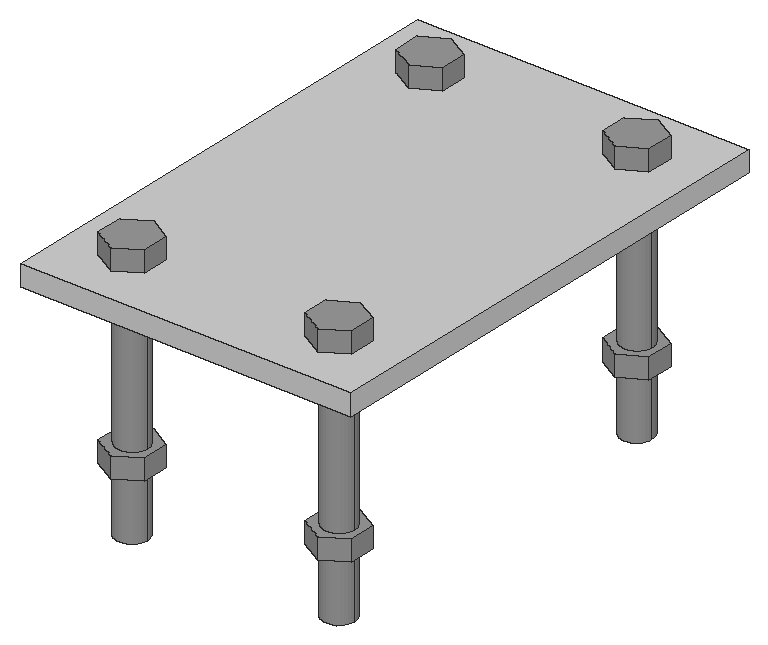
Revit family "051200 - Structural Steel Framing - Base Plate - 4 holes", category Structural Stiffeners, Revit 2019
Family settings
  OmniClass Number = 23.25.30.11.27
  OmniClass Title = Vibration and Earthquake Controls
  Work Plane-Based = Yes
  Always vertical = No
  Cut with Voids When Loaded = No
  Shared = No
Parameters (values of type "Top Plate")
  Width = 0' - 4"
  Thickness = 0' - 0 1/4"
  Substrate Depth = 0' - 2"
  Nut Visibility = yes
  Length = 0' - 6"
  Hole Radius = 0' - 0 3/8"
  Default Elevation = 4' - 0"
  Bolts = 050523 - W_P_C - Fastenings - Lag Bolt or Thru Bolt : 3/8" x 3"
  Bolt Offset - Width Side = 0' - 0 3/4"
  Bolt Offset - Length Side = 0' - 0 3/4"
  Base Plate Material = TYPICAL (4) BOLT STEEL PLATE COLUMN BASE
Types (4): name | Width | Thickness | Nut Visibility | Length | Bolts | Bolt Offset - Width Side | Bolt Offset - Length Side | Base Plate Material
  5/8in x 6in x 15in | 0' - 6" | 0' - 0 5/8" | no | 1' - 3" | 050523 - W_P_C - Fastenings - Lag Bolt or Thru Bolt : 3/4" x 9" | 0' - 1 1/4" | 0' - 1 3/4" | 5/8" THICK STEEL BASE PLATE OVER SHIMS OR NON-SHRINK GROUT
  2 | 0' - 6" | 0' - 0 5/8" | no | 0' - 10" | 050523 - W_P_C - Fastenings - Lag Bolt or Thru Bolt : 3/4" x 9" | 0' - 1 1/4" | 0' - 2 3/4" | 5/8" THICK STEEL BASE PLATE OVER SHIMS OR NON-SHRINK GROUT
  3.5" plate | 0' - 4" | 0' - 0 1/4" | no | 0' - 6" | 050523 - W_P_C - Fastenings - Lag Bolt or Thru Bolt : 3/8" x 3" | 0' - 0 3/4" | 0' - 0 3/4" | TYPICAL (4) BOLT STEEL PLATE COLUMN BASE
  Top Plate | 0' - 4" | 0' - 0 1/4" | yes | 0' - 6" | 050523 - W_P_C - Fastenings - Lag Bolt or Thru Bolt : 3/8" x 3" | 0' - 0 3/4" | 0' - 0 3/4" | TYPICAL (4) BOLT STEEL PLATE COLUMN BASE
Reference planes (in)
  plane 1 "Center (Front/Back)": y = 0.8018
  plane 2: z = 0
  plane 3 "Center (Left/Right)": x = 0.50012
  plane 4: x = -1.49988
  plane 5: y = 3.8018
  plane 6: x = 2.50012
  plane 7: y = -2.1982
  plane 8: y = 3.0518
  plane 9: y = -1.4482
  plane 10: x = 1.75012
  plane 11: x = -0.74988
  plane 12: z = 0.25
  plane 13: z = -1.75
Forms (in)
  Extrusion 1, solid, material "TYPICAL (4) BOLT STEEL PLATE COLUMN BASE" <- "Base Plate Material"
    sketch origin (0, 0, 0) x (1, 0, 0) y (0, 1, 0)
      loop
        line (-1.49988, 3.8018) -> (-1.49988, -2.1982) -> (2.50012, -2.1982) -> (2.50012, 3.8018) -> (-1.49988, 3.8018)
    from 0 to 0.25
Dimensions and locks (in)
  equal spacing: plane 4, plane 3 "Center (Left/Right)", plane 6
  equal spacing: plane 5, plane 1 "Center (Front/Back)", plane 7
  "Width": plane 4 to plane 6
  "Length": plane 5 to plane 7
  "Bolt Offset - Width Side": plane 4 to plane 11
  "Bolt Offset - Width Side": plane 10 to plane 6
  "Bolt Offset - Length Side": plane 5 to plane 8
  "Bolt Offset - Length Side": plane 9 to plane 7
  "Thickness": plane 12 to plane 2
  "Substrate Depth": plane 12 to plane 13
  aligned and locked: plane 4 to Extrusion 1 sketch curve
  aligned and locked: Extrusion 1 sketch curve to plane 5
  aligned and locked: Extrusion 1 sketch curve to plane 6
  aligned and locked: plane 11 to nested 2
  aligned and locked: nested 2 to plane 8
  aligned and locked: plane 10 to nested 1
  aligned and locked: nested 1 to plane 8
  aligned and locked: nested 4 to plane 9
  aligned and locked: plane 10 to nested 4
  aligned and locked: plane 11 to nested 3
  aligned and locked: nested 3 to plane 9
  aligned and locked: Extrusion 1 to nested 1
  aligned and locked: Extrusion 1 to plane 2
  aligned and locked: plane 12 to Extrusion 1
  aligned and locked: plane 13 to nested 3
  aligned and locked: plane 13 to nested 4
  aligned and locked: plane 13 to nested 1
  aligned and locked: plane 13 to nested 2
Automatic sketch dimensions
  Extrusion 1 sketch curve to plane 7 = 0' - 0"
Nested families (in)
  nested 1: "050523 - W_P_C - Fastenings - Lag Bolt or Thru Bolt" at (1.75012, 3.0518, 0.25), type <- "Bolts", Nut_Visibility <- "Nut Visibility", type "3/8" x 3""
    with Thickness_of_Substrate 0' - 2", Nut_Visibility yes, Bolt Material (Size) 3/4" DIAMETER x 8" EMBEDMENT EPOXY ANCHORS
  nested 2: "050523 - W_P_C - Fastenings - Lag Bolt or Thru Bolt" at (-0.74988, 3.0518, 0.25), type <- "Bolts", Nut_Visibility <- "Nut Visibility", type "3/8" x 3""
    with Thickness_of_Substrate 0' - 2", Nut_Visibility yes, Bolt Material (Size) 3/4" DIAMETER x 8" EMBEDMENT EPOXY ANCHORS
  nested 3: "050523 - W_P_C - Fastenings - Lag Bolt or Thru Bolt" at (-0.74988, -1.4482, 0.25), type <- "Bolts", Nut_Visibility <- "Nut Visibility", type "3/8" x 3""
    with Thickness_of_Substrate 0' - 2", Nut_Visibility yes, Bolt Material (Size) 3/4" DIAMETER x 8" EMBEDMENT EPOXY ANCHORS
  nested 4: "050523 - W_P_C - Fastenings - Lag Bolt or Thru Bolt" at (1.75012, -1.4482, 0.25), type <- "Bolts", Nut_Visibility <- "Nut Visibility", type "3/8" x 3""
    with Thickness_of_Substrate 0' - 2", Nut_Visibility yes, Bolt Material (Size) 3/4" DIAMETER x 8" EMBEDMENT EPOXY ANCHORS
Definition of nested family "050523 - W_P_C - Fastenings - Lag Bolt or Thru Bolt"
  Parameters (values of type "1/2" x 3"")
    Thickness_of_Substrate [instance] = 0' - 1"
    Side = Head Size * 0.57812  # 0' - 0 111/256"
    Radius = Diameter / 2  # 0' - 0 1/4"
    Nut_Visibility [instance] = yes
    Length = 0' - 3"
    Head Size = 0' - 0 3/4"
    Head Radius = Head Size / 2  # 0' - 0 3/8"
    Head Height = 0' - 0 27/64"
    Diameter = 0' - 0 1/2"
    Default Elevation = 4' - 0"
    Bolt Material (Size) [instance] = none
  Types (23): name | Side | Radius | Length | Head Size | Head Radius | Head Height | Diameter
    1/2" x 3" | 0' - 0 111/256" | 0' - 0 1/4" | 0' - 3" | 0' - 0 3/4" | 0' - 0 3/8" | 0' - 0 27/64" | 0' - 0 1/2"
    1/4" x 3" | 0' - 0.25293" | 0' - 0 1/8" | 0' - 3" | 0' - 0 7/16" | 0' - 0 7/32" | 0' - 0 11/64" | 0' - 0 1/4"
    5/16" x 3" | 0' - 0 37/128" | 0' - 0 5/32" | 0' - 3" | 0' - 0 1/2" | 0' - 0 1/4" | 0' - 0 7/32" | 0' - 0 5/16"
    3/8" x 3" | 0' - 0.3252" | 0' - 0 3/16" | 0' - 3" | 0' - 0 9/16" | 0' - 0 9/32" | 0' - 0 1/4" | 0' - 0 3/8"
    7/16" x 3" | 0' - 0.36133" | 0' - 0 7/32" | 0' - 3" | 0' - 0 5/8" | 0' - 0 5/16" | 0' - 0 19/64" | 0' - 0 7/16"
    5/8" x 3" | 0' - 0.54199" | 0' - 0 5/16" | 0' - 3" | 0' - 0 15/16" | 0' - 0 15/32" | 0' - 0 27/64" | 0' - 0 5/8"
    1/2" x 2 1/2" | 0' - 0 111/256" | 0' - 0 1/4" | 0' - 2 1/2" | 0' - 0 3/4" | 0' - 0 3/8" | 0' - 0 11/32" | 0' - 0 1/2"
    3/4" x 2" | 0' - 0.65039" | 0' - 0 3/8" | 0' - 2" | 0' - 1 1/8" | 0' - 0 9/16" | 0' - 0 1/2" | 0' - 0 3/4"
    3/8" x 1" | 0' - 0.3252" | 0' - 0 3/16" | 0' - 1" | 0' - 0 9/16" | 0' - 0 9/32" | 0' - 0 1/4" | 0' - 0 3/8"
    1/2" x 4" | 0' - 0 111/256" | 0' - 0 1/4" | 0' - 4" | 0' - 0 3/4" | 0' - 0 3/8" | 0' - 0 1/2" | 0' - 0 1/2"
    1/2" x 2" | 0' - 0 111/256" | 0' - 0 1/4" | 0' - 2" | 0' - 0 3/4" | 0' - 0 3/8" | 0' - 0 1/2" | 0' - 0 1/2"
    ONE | 0' - 0 111/128" | 0' - 0 1/2" | 0' - 3" | 0' - 1 1/2" | 0' - 0 3/4" | 0' - 0 151/256" | 0' - 1"
    3/4" x 4" | 0' - 0.65039" | 0' - 0 3/8" | 0' - 3" | 0' - 1 1/8" | 0' - 0 9/16" | 0' - 0 1/2" | 0' - 0 3/4"
    #10 | 0' - 0.1626" | 0' - 0.09961" | 0' - 4" | 0' - 0 9/32" | 0' - 0 9/64" | 0' - 0 1/8" | 0' - 0 51/256"
    1/4" | 0' - 0.25293" | 0' - 0 1/8" | 0' - 4" | 0' - 0 7/16" | 0' - 0 7/32" | 0' - 0 11/64" | 0' - 0 1/4"
    1" | 0' - 0 111/128" | 0' - 0 1/2" | 0' - 4" | 0' - 1 1/2" | 0' - 0 3/4" | 0' - 0 43/64" | 0' - 1"
    7/8" | 0' - 0.75879" | 0' - 0 7/16" | 0' - 4" | 0' - 1 5/16" | 0' - 0 21/32" | 0' - 0 37/64" | 0' - 0 7/8"
    5/8" | 0' - 0.54199" | 0' - 0 5/16" | 0' - 10 1/2" | 0' - 0 15/16" | 0' - 0 15/32" | 0' - 0 27/64" | 0' - 0 5/8"
    1/2" | 0' - 0 111/256" | 0' - 0 1/4" | 0' - 4" | 0' - 0 3/4" | 0' - 0 3/8" | 0' - 0 1/2" | 0' - 0 1/2"
    3/4" | 0' - 0.65039" | 0' - 0 3/8" | 0' - 7" | 0' - 1 1/8" | 0' - 0 9/16" | 0' - 0 1/2" | 0' - 0 3/4"
    3/8" | 0' - 0.3252" | 0' - 0 3/16" | 0' - 4" | 0' - 0 9/16" | 0' - 0 9/32" | 0' - 0 1/4" | 0' - 0 3/8"
    5/8" x 6" | 0' - 0.54199" | 0' - 0 5/16" | 0' - 6" | 0' - 0 15/16" | 0' - 0 15/32" | 0' - 0 27/64" | 0' - 0 5/8"
    5/8" x 7" | 0' - 0.54199" | 0' - 0 5/16" | 0' - 7" | 0' - 0 15/16" | 0' - 0 15/32" | 0' - 0 27/64" | 0' - 0 5/8"
  Reference planes (in)
    plane 1 "Center (Front/Back)": y = 0
    plane 2: z = 0
    plane 3 "Center (Left/Right)": x = 0
    plane 4: z = 0.42187
    plane 5: z = -3
    plane 6: y = 0
    plane 7: x = 0
    plane 8: z = -1
  Forms (in)
    Extrusion 1, solid, material <- "Bolt Material (Size)"
      sketch origin (0, 0, 0) x (1, 0, 0) y (0, 1, 0)
        loop
          circle (0, 0) r 0.25
      from -3 to 0
  Lines and regions (in)
    model lines
      curve 1: line (0, -0.64952, 0.42188) -> (0, 0.64952, 0.42188)
      curve 2: line (0.375, 0, 0.42188) -> (-0.375, 0, 0.42188)
    symbolic lines
      curve 3: line (0, 0, 0.42187) -> (0, 0, -3)
      curve 4: line (0, 0, 0.42187) -> (0, 0, -3)
  Dimensions and locks (in)
    "Head Height": plane 4 to level
    "Length": level to plane 5
    "Thickness_of_Substrate": plane 2 to plane 8
    "Radius": radius of Extrusion 1 sketch curve
    aligned and locked: level to plane 2
    aligned and locked: Extrusion 1 to plane 5
    aligned and locked: plane 7 to curve 1
    aligned and locked: plane 6 to curve 2
    aligned and locked: plane 6 to curve 4
  Automatic sketch dimensions
    curve 3 to plane 3 "Center (Left/Right)" = 0' - 0"
    curve 3 to plane 5 = 0' - 0"
    curve 3 to plane 4 = 0' - 0"
    curve 4 to plane 5 = 0' - 0"
    curve 4 to plane 4 = 0' - 0"
    curve 1 to curve 2 = 0' - 0.64952"
    curve 2 to curve 1 = 0' - 0.64952"
    curve 2 to nested 1 = 0' - 0"  (x2)
    plane 1 "Center (Front/Back)" to Extrusion 1 sketch curve = 0' - 0"
    Extrusion 1 sketch curve to plane 3 "Center (Left/Right)" = 0' - 0"
  Nested families (in)
    nested 1: "Nut" at (0, 0, 0), Diameter <- "Diameter", Head Height <- "Head Height", Head Size <- "Head Size", Bolt Material (Size) <- "Bolt Material (Size)", type "one"
      with Side 0' - 0 111/256", Radius 0' - 0 1/4", Head Size 0' - 0 3/4", Head Radius 0' - 0 3/8", Head Height 0' - 0 27/64", Diameter 0' - 0 1/2", Bolt Material (Size) none
    nested 2: "Nut" at (0, 0, -1) x (1, 0, 0) z (0, 0, -1), Diameter <- "Diameter", Head Height <- "Head Height", Head Size <- "Head Size", visible <- "Nut_Visibility", type "one"
      with Side 0' - 0 111/256", Radius 0' - 0 1/4", Head Size 0' - 0 3/4", Head Radius 0' - 0 3/8", Head Height 0' - 0 27/64", Diameter 0' - 0 1/2", Bolt Material (Size) none
  Definition of nested family "Nut"
    Parameters (values of type "one")
      Side [instance] = Head Size * 0.57812  # 0' - 0 111/256"
      Radius [instance] = Diameter / 2  # 0' - 0 1/4"
      Head Size [instance] = 0' - 0 3/4"
      Head Radius [instance] = Head Size / 2  # 0' - 0 3/8"
      Head Height [instance] = 0' - 0 11/32"
      Diameter [instance] = 0' - 0 1/2"
      Default Elevation = 4' - 0"
      Bolt Material (Size) [instance] = none
    Reference planes (in)
      plane 1 "Center (Front/Back)": y = 0
      plane 2: z = 0
      plane 3 "Center (Left/Right)": x = 0
      plane 4: z = 0.34375
      plane 5: y = 0
      plane 6: x = 0
    Forms (in)
      Extrusion 1, solid, material <- "Bolt Material (Size)"
        sketch origin (0, 0, 0) x (1, 0, 0) y (0, 1, 0)
          loop
            line (0, 0.43301) -> (-0.375, 0.21651) -> (-0.375, -0.21651) -> (0, -0.43301) -> (0.375, -0.21651) -> (0.375, 0.21651) -> (0, 0.43301)
        from 0 to 0.34375
    Lines and regions (in)
      symbolic lines
        curve 1: line (0, 0, 0.34375) -> (0, 0, -3)
    Dimensions and locks (in)
      "Head Height": plane 4 to level
      "Head Radius": Extrusion 1 sketch curve to plane 3 "Center (Left/Right)"
      "Head Radius": Extrusion 1 sketch curve to plane 6
      "Head Radius": Extrusion 1 sketch curve to plane 5  (x2)
      locked: Extrusion 1 sketch curve to Extrusion 1 sketch curve (angle 120.00°)  (x5)
      aligned and locked: level to plane 2
      aligned and locked: Extrusion 1 to plane 4
      aligned and locked: plane 5 to curve 1
    Automatic sketch dimensions
      curve 1 to plane 4 = 0' - 0"
      curve 1 to level = 0' - 3"
      Extrusion 1 sketch curve to plane 3 "Center (Left/Right)" = 0' - 0"  (x2)
